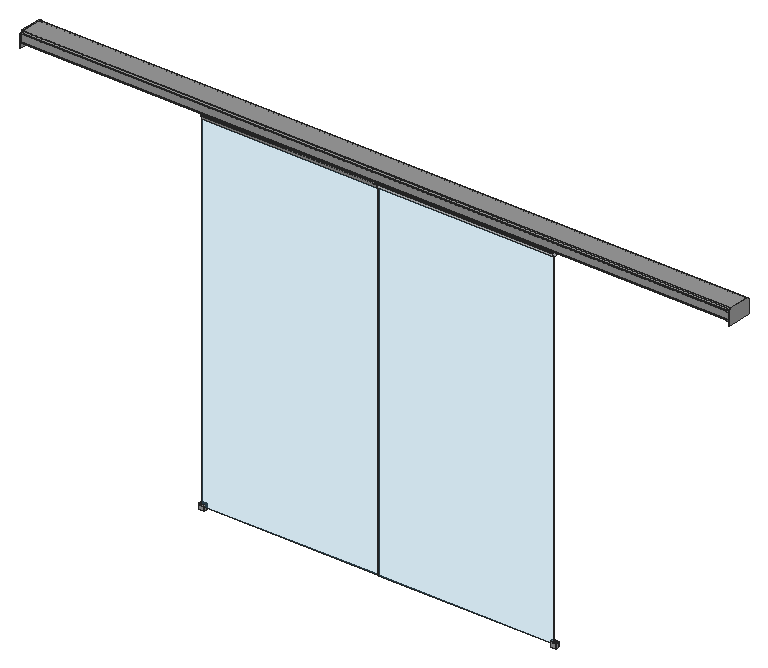
Revit family "Puerta Deslizante 2 hojas", category Doors, host Wall, Revit 2017
Family settings
  Host = Wall
  OmniClass Number = 23.30.10.00
  OmniClass Title = Doors
  Always vertical = Yes
  Cut with Voids When Loaded = No
  Shared = No
  Room Calculation Point = No
Parameters
  Vidrio = Glass
  URL = "http://www.automatics.cl/"
  Tope de Puerta = Stainless Steel AISI 304
  Tipo = "Deslizante"
  Riel = Stainless Steel AISI 304
  Perfil Riel = Stainless Steel AISI 304
  Model = "Deslizante 2 Hojas"
  Manufacturer = "G-U"
  Function = Interior
  Frame Projection Ext. = 25 mm
  Frame Projection Int. = 25 mm
  Frame Width = 75 mm
  Height = 3050 mm
  Wall Closure = By host
  Width = 3020 mm
  Espesor = 202 mm
  Description = "Deslizante 2 Hojas"
  Control Ancho Puerta = if(Width < 800 mm, 800 mm, if(Width > 3000 mm, 3000 mm, Width))  # 3000 mm
  Control Alto Puerta = if(Height > 3000 mm, 3000 mm, Height)  # 3000 mm
  Contacto Teléfono = "56 9 9789 7122"
  Contacto Nombre = "Carlos Leiva"
  Contacto Correo = "Carlos.Leiva@g-u.cl"
  Ancho Riel = Width * 2  # 6040 mm
  Analytic Construction = "<None>"
Reference planes
  plane 1: y = 0
  plane 2 "Center (Left/Right)": x = 0
  plane 3 "Left": x = -1500
  plane 4 "Right": x = 1500
  plane 5: z = 3000
  plane 6 "Exterior": y = 150
  plane 7 "Interior": y = -150
  plane 8: y = 352
  plane 9: x = -3020
  plane 10: y = 190
  plane 11: x = 3020
  plane 12: x = -5
  plane 13: x = 5
Forms (mm)
  Extrusion 1, solid, material "Stainless Steel AISI 304" <- "Riel"
    sketch origin (0, 0, 0) x (0, 1, 0) y (0, 0, 1)
      loop
        arc (175, 3013) -> (176.763, 2997.845) -> (180.29, 2983) r 130
        line (180.29, 2983) -> (199.71, 2983)
        arc (199.71, 2983) -> (202.911, 2997.902) -> (205, 3013) r 205.826
        line (205, 3013) -> (175, 3013)
    from -1500 to -5
  Extrusion 2, solid, material "Stainless Steel AISI 304" <- "Riel"
    sketch origin (0, 0, 0) x (0, 1, 0) y (0, 0, 1)
      loop
        line (207.74, 3013) -> (207.74, 3054) -> (179, 3054) -> (179, 3043) -> (182, 3043) -> (182, 3051) -> (204.74, 3051) -> (204.74, 3016) -> (171.74, 3016) -> (171.74, 3013) -> (207.74, 3013)
    from -1500 to -5
  Extrusion 3, solid, material "Glass" <- "Vidrio"
    sketch origin (0, -9.5, 0) x (0, 1, 0) y (0, 0, 1)
      loop
        line (205, 2983) -> (194, 2983) -> (194, 15) -> (205, 15) -> (205, 2983)
    from -1500 to -5
  Extrusion 4, solid
    sketch origin (675, 0, 0) x (0, 1, 0) y (0, 0, 1)
      loop
        line (207.74, 3013) -> (207.74, 3054) -> (179, 3054) -> (179, 3043) -> (182, 3043) -> (182, 3051) -> (204.74, 3051) -> (204.74, 3016) -> (171.74, 3016) -> (171.74, 3013) -> (207.74, 3013)
    from -670 to 825
  Extrusion 5, solid
    sketch origin (710, 0, 0) x (0, 1, 0) y (0, 0, 1)
      loop
        arc (175, 3013) -> (176.763, 2997.845) -> (180.29, 2983) r 130
        line (180.29, 2983) -> (199.71, 2983)
        arc (199.71, 2983) -> (202.911, 2997.902) -> (205, 3013) r 205.826
        line (205, 3013) -> (175, 3013)
    from -705 to 790
  Extrusion 6, solid, material "Glass" <- "Vidrio"
    sketch origin (740, -9.5, 0) x (0, 1, 0) y (0, 0, 1)
      loop
        line (205, 2983) -> (194, 2983) -> (194, 15) -> (205, 15) -> (205, 2983)
    from -735 to 760
Lines and regions (mm)
  Opening 1
    outline origin (-3050, -150, 0) x (1, 0, 0) y (0, 0, 1)
      loop
        line (1550, 0) -> (4550, 0) -> (4550, 3000) -> (1550, 3000) -> (1550, 0)
  symbolic lines, style "Doors"
    curve 1: line (-1500, 184.5, 0) -> (-3020, 184.5, 0)
    curve 2: line (-3020, 184.5, 0) -> (-3020, 195.5, 0)
    curve 3: line (-3020, 195.5, 0) -> (-1500, 195.5, 0)
    curve 4: line (-1500, 195.5, 0) -> (-1500, 184.5, 0)
    curve 5: arc (-1476.935, 203.27, 0) -> (-1500, 207.5, 0) -> (-1523.065, 203.27, 0) r 65
    curve 6: line (-1525, 200.466, 0) -> (-1525, 195.5, 0)
    curve 7: arc (-1523.065, 203.27, 0) -> (-1524.469, 202.169, 0) -> (-1525, 200.466, 0) r 3
    curve 8: arc (-1525, 179.534, 0) -> (-1524.469, 177.831, 0) -> (-1523.065, 176.73, 0) r 3
    curve 9: arc (-1523.065, 176.73, 0) -> (-1500, 172.5, 0) -> (-1476.935, 176.73, 0) r 65
    curve 10: arc (-1476.935, 176.73, 0) -> (-1475.531, 177.831, 0) -> (-1475, 179.534, 0) r 3
    curve 11: line (-1475, 179.534, 0) -> (-1475, 200.466, 0)
    curve 12: arc (-1475, 200.466, 0) -> (-1475.531, 202.169, 0) -> (-1476.935, 203.27, 0) r 3
    curve 13: line (-1475, 197.5, 0) -> (-1525, 197.5, 0)
    curve 14: line (-1525, 182.5, 0) -> (-1475, 182.5, 0)
    curve 15: line (-1525, 184.5, 0) -> (-1525, 179.534, 0)
    curve 16: line (-1500, 230, 0) -> (-1600, 230, 0)
    curve 17: line (-1600, 230, 0) -> (-1574.019, 245, 0)
    curve 18: line (-1600, 230, 0) -> (-1574.019, 215, 0)
    curve 19: line (1500, 184.5, 0) -> (3020, 184.5, 0)
    curve 20: line (3020, 184.5, 0) -> (3020, 195.5, 0)
    curve 21: line (3020, 195.5, 0) -> (1500, 195.5, 0)
    curve 22: line (1500, 195.5, 0) -> (1500, 184.5, 0)
    curve 23: arc (1476.935, 203.27, 0) -> (1500, 207.5, 0) -> (1523.065, 203.27, 0) r 65
    curve 24: line (1525, 200.466, 0) -> (1525, 195.5, 0)
    curve 25: arc (1523.065, 203.27, 0) -> (1524.469, 202.169, 0) -> (1525, 200.466, 0) r 3
    curve 26: arc (1525, 179.534, 0) -> (1524.469, 177.831, 0) -> (1523.065, 176.73, 0) r 3
    curve 27: arc (1523.065, 176.73, 0) -> (1500, 172.5, 0) -> (1476.935, 176.73, 0) r 65
    curve 28: arc (1476.935, 176.73, 0) -> (1475.531, 177.831, 0) -> (1475, 179.534, 0) r 3
    curve 29: line (1475, 179.534, 0) -> (1475, 200.466, 0)
    curve 30: arc (1475, 200.466, 0) -> (1475.531, 202.169, 0) -> (1476.935, 203.27, 0) r 3
    curve 31: line (1525, 184.5, 0) -> (1525, 179.534, 0)
    curve 32: line (1475, 197.5, 0) -> (1525, 197.5, 0)
    curve 33: line (1525, 182.5, 0) -> (1475, 182.5, 0)
    curve 34: line (1500, 230, 0) -> (1600, 230, 0)
    curve 35: line (1600, 230, 0) -> (1574.019, 245, 0)
    curve 36: line (1600, 230, 0) -> (1574.019, 215, 0)
    curve 37: line (-1410, 150, 1500) -> (-1340.718, 150, 1540)
    curve 38: line (-1410, 150, 1500) -> (-1340.718, 150, 1460)
    curve 39: line (-1410, 150, 1500) -> (-1230, 150, 1500)
    curve 40: line (1410, 150, 1500) -> (1340.718, 150, 1540)
    curve 41: line (1410, 150, 1500) -> (1340.718, 150, 1460)
    curve 42: line (1410, 150, 1500) -> (1230, 150, 1500)
  symbolic lines, style "Elevation Swing"
    curve 43: line (-3020, 150, 0) -> (-3020, 352, 0)
    curve 44: line (-3020, 352, 0) -> (3020, 352, 0)
    curve 45: line (3020, 352, 0) -> (3020, 150, 0)
    curve 46: line (3020, 150, 0) -> (-3020, 150, 0)
Text (mm)
  text "Exterior" at (-2295.016, 1099.543, 0), in view "Ref. Level"
  text "Exterior" at (0, 1615.38, 3698.081), in view "Left"
  text "Exterior" at (0, 1036.032, 3874.932), in view "Right"
Dimensions and locks
  equal spacing: plane 3 "Left", plane 2 "Center (Left/Right)", plane 4 "Right"
  "Control Ancho Puerta": plane 3 "Left" to plane 4 "Right"
  "Control Alto Puerta": plane 5 to host wall
  host wall to plane 5 = 3000 mm  (x2)
  locked: plane 6 "Exterior" to host wall at 0
  locked: plane 7 "Interior" to host wall
  "Ancho Riel": plane 9 to plane 11
  "Espesor": plane 8 to plane 6 "Exterior"
  locked: plane 10 to host wall at 40
  equal spacing: plane 9, plane 2 "Center (Left/Right)", plane 11
  plane 12 to plane 2 "Center (Left/Right)" to plane 13 = 5 mm locked, 5 mm locked
  aligned and locked: plane 3 "Left" to Opening 1 sketch curve
  aligned and locked: plane 5 to Opening 1 sketch curve  (x2)
  aligned and locked: Opening 1 sketch curve to plane 4 "Right"
  aligned and locked: Opening 1 sketch curve to level
  aligned and locked: host wall to plane 1
  aligned and locked: host wall to Extrusion 2
  aligned and locked: Extrusion 1 to host wall
  aligned and locked: Extrusion 3 to host wall
  aligned and locked: nested 1 to plane 3 "Left"
  aligned and locked: plane 5 to nested 2
  aligned and locked: host wall to nested 2
  aligned and locked: nested 2 to plane 9  (x2)
  aligned and locked: nested 1 to plane 10
  aligned and locked: nested 2 to plane 11
  aligned and locked: Extrusion 3 to plane 12
  aligned and locked: Extrusion 1 to plane 12
  aligned and locked: Extrusion 2 to Extrusion 1
  aligned and locked: plane 13 to Extrusion 4
  aligned and locked: host wall to Extrusion 4
  aligned and locked: plane 13 to Extrusion 5
  aligned and locked: host wall to Extrusion 5
  aligned and locked: plane 13 to Extrusion 6
  aligned and locked: host wall to Extrusion 6
  aligned and locked: nested 3 to plane 4 "Right"
  aligned and locked: nested 3 to plane 10
  aligned and locked: plane 9 to curve 43
  aligned and locked: host wall to curve 46
  aligned and locked: curve 45 to plane 11
  aligned and locked: curve 44 to plane 8
Automatic sketch dimensions
  Extrusion 1 sketch curve to host wall = 0.212 mm
  Extrusion 1 sketch curve to plane 10 = 15 mm
  Extrusion 1 sketch curve to plane 10 = 9.71 mm
  plane 10 to Extrusion 1 sketch curve = 9.71 mm
  Extrusion 1 sketch curve to plane 5 = 13 mm
  Extrusion 1 sketch curve to Extrusion 1 sketch curve = 30 mm
  Extrusion 1 sketch curve to plane 5 = 20.419 mm
  Extrusion 1 sketch curve to plane 8 = 47.212 mm
  Extrusion 2 sketch curve to plane 10 = 18.26 mm
  Extrusion 2 sketch curve to plane 10 = 11 mm
  Extrusion 2 sketch curve to Extrusion 2 sketch curve = 3 mm  (x4)
  plane 10 to Extrusion 2 sketch curve = 14.74 mm
  Extrusion 2 sketch curve to plane 5 = 13 mm
  Extrusion 2 sketch curve to Extrusion 2 sketch curve = 27 mm
  Extrusion 2 sketch curve to Extrusion 2 sketch curve = 8 mm
  Extrusion 3 sketch curve to plane 10 = 5.5 mm
  plane 10 to Extrusion 3 sketch curve = 5.5 mm
  level to Extrusion 3 sketch curve = 15 mm
  plane 5 to Extrusion 3 sketch curve = 17 mm
  Extrusion 4 sketch curve to plane 10 = 18.26 mm
  Extrusion 4 sketch curve to plane 10 = 11 mm
  Extrusion 4 sketch curve to Extrusion 4 sketch curve = 3 mm  (x4)
  plane 10 to Extrusion 4 sketch curve = 14.74 mm
  Extrusion 4 sketch curve to plane 5 = 13 mm
  Extrusion 4 sketch curve to Extrusion 4 sketch curve = 27 mm
  Extrusion 4 sketch curve to Extrusion 4 sketch curve = 8 mm
  Extrusion 5 sketch curve to host wall = 0.212 mm
  Extrusion 5 sketch curve to plane 10 = 15 mm
  Extrusion 5 sketch curve to plane 10 = 9.71 mm
  plane 10 to Extrusion 5 sketch curve = 9.71 mm
  Extrusion 5 sketch curve to plane 5 = 13 mm
  Extrusion 5 sketch curve to Extrusion 5 sketch curve = 30 mm
  Extrusion 5 sketch curve to plane 5 = 20.419 mm
  Extrusion 5 sketch curve to plane 8 = 47.212 mm
  Extrusion 6 sketch curve to plane 10 = 5.5 mm
  plane 10 to Extrusion 6 sketch curve = 5.5 mm
  level to Extrusion 6 sketch curve = 15 mm
  plane 5 to Extrusion 6 sketch curve = 17 mm
  curve 39 to plane 3 "Left" = 90 mm
  plane 4 "Right" to curve 40 = 90 mm
  level to curve 38 = 1500 mm
  level to curve 40 = 1500 mm
  curve 37 to curve 38 = 69.282 mm
  curve 37 to curve 38 = 0 mm
  curve 38 to curve 39 = 110.718 mm
  curve 42 to curve 40 = 180 mm
  curve 41 to curve 40 = 69.282 mm
  curve 40 to curve 41 = 0 mm
  curve 41 to curve 40 = 40 mm
  curve 38 to curve 37 = 40 mm
  curve 38 to curve 37 = 80 mm
  curve 41 to curve 40 = 80 mm
  curve 1 to plane 9 = 0 mm
  curve 5 to plane 3 "Left" = 0 mm
  curve 1 to plane 3 "Left" = 0 mm
  curve 16 to plane 3 "Left" = 0 mm
  curve 9 to plane 3 "Left" = 0 mm
  curve 19 to plane 4 "Right" = 0 mm
  curve 34 to plane 4 "Right" = 0 mm
  curve 23 to plane 4 "Right" = 0 mm
  curve 27 to plane 4 "Right" = 0 mm
  curve 20 to plane 11 = 0 mm
  plane 10 to curve 16 = 40 mm
  curve 16 to curve 16 = 100 mm
  curve 15 to plane 10 = 10.466 mm
  plane 3 "Left" to curve 15 = 25 mm
  curve 6 to curve 15 = 0 mm
  curve 8 to curve 8 = 3 mm
  curve 6 to curve 7 = 3 mm
  plane 10 to curve 12 = 10.466 mm
  curve 12 to plane 3 "Left" = 22 mm
  curve 10 to curve 12 = 0 mm
  curve 10 to curve 11 = 3 mm
  plane 4 "Right" to curve 29 = 25 mm
  curve 29 to curve 30 = 3 mm
  curve 29 to curve 28 = 3 mm
  curve 26 to plane 4 "Right" = 22 mm
  curve 25 to curve 26 = 0 mm
  curve 26 to curve 31 = 3 mm
  curve 25 to curve 24 = 3 mm
  plane 10 to curve 36 = 40 mm
  curve 25 to curve 36 = 75 mm
  curve 5 to host wall = 7.5 mm
  curve 23 to host wall = 7.5 mm
  curve 28 to plane 10 = 10.466 mm
  curve 26 to plane 10 = 10.466 mm
  curve 10 to plane 10 = 10.466 mm
  curve 22 to plane 10 = 5.5 mm
  curve 2 to plane 10 = 5.5 mm
  plane 10 to curve 21 = 5.5 mm
  plane 10 to curve 2 = 5.5 mm
  curve 24 to curve 24 = 4.966 mm
  plane 10 to curve 30 = 10.466 mm
  curve 6 to curve 6 = 4.966 mm
  curve 16 to curve 9 = 7.5 mm
  curve 34 to curve 27 = 7.5 mm
  curve 16 to curve 17 = 25.981 mm
  plane 10 to curve 18 = 25 mm
  curve 16 to curve 18 = 25.981 mm
  curve 5 to curve 7 = 0 mm
  curve 9 to curve 8 = 0 mm
  curve 23 to curve 30 = 0 mm
  curve 27 to curve 28 = 0 mm
  plane 10 to curve 36 = 25 mm
  curve 36 to curve 34 = 25.981 mm
  curve 35 to curve 36 = 0 mm
  curve 29 to curve 33 = 2.966 mm
  curve 14 to curve 15 = 2 mm
  curve 32 to curve 30 = 2.966 mm
  curve 6 to curve 13 = 2 mm
  curve 18 to curve 17 = 30 mm
  curve 36 to curve 35 = 30 mm
Nested families
  nested 1: "Tope" at (-1500, 190, 0), type "Tope", detail levels medium+fine
  nested 2: "Perfil Aluminio Deslizante" at (0, 150, 3000) x (-1, 0, 0) z (0, 0, 1), type "Perfil Aluminio Deslizante"
    with Ancho 6040 mm
  nested 3: "Tope" at (1500, 190, 0), type "Tope", detail levels medium+fine
Definition of nested family "Tope"
  Parameters (values of type "Tope")
    Tope = none
  Reference planes
    plane 1 "Center (Front/Back)": y = 0
    plane 2: z = 0
    plane 3 "Center (Left/Right)": x = 0
  Forms (mm)
    Extrusion 1, solid, material <- "Tope"
      sketch origin (0, 0, 0) x (1, 0, 0) y (0, 1, 0)
        loop
          line (-25, 10.466) -> (-25, -10.466)
          arc (-25, -10.466) -> (-24.469, -12.169) -> (-23.065, -13.27) r 3
          arc (-23.065, -13.27) -> (0, -17.5) -> (23.065, -13.27) r 65
          arc (23.065, -13.27) -> (24.469, -12.169) -> (25, -10.466) r 3
          line (25, -10.466) -> (25, 10.466)
          arc (25, 10.466) -> (24.469, 12.169) -> (23.065, 13.27) r 3
          arc (23.065, 13.27) -> (0, 17.5) -> (-23.065, 13.27) r 65
          arc (-23.065, 13.27) -> (-24.469, 12.169) -> (-25, 10.466) r 3
      from 0 to 40
    Sweep 2, void
      path origin (0, 0, 0) x (1, 0, 0) y (0, 1, 0)
        loop
          line (-25, 10.466) -> (-25, -10.466)
          arc (-25, -10.466) -> (-24.469, -12.169) -> (-23.065, -13.27) r 3
          arc (-23.065, -13.27) -> (0, -17.5) -> (23.065, -13.27) r 65
          arc (23.065, -13.27) -> (24.469, -12.169) -> (25, -10.466) r 3
          line (25, -10.466) -> (25, 10.466)
          arc (25, 10.466) -> (24.469, 12.169) -> (23.065, 13.27) r 3
          arc (23.065, 13.27) -> (0, 17.5) -> (-23.065, 13.27) r 65
          arc (-23.065, 13.27) -> (-24.469, 12.169) -> (-25, 10.466) r 3
      profile origin (-25, 0, 0) x (1, 0, 0) y (0, 0, 1)
        loop
          line (2, 40) -> (2, 45) -> (-5, 45) -> (-5, 37) -> (0, 37)
          arc (0, 37) -> (0.643, 38.738) -> (2, 40) r 4
    Extrusion 3, void
      sketch origin (0, 0, 0) x (1, 0, 0) y (0, 1, 0)
        loop
          line (-25, 7.5) -> (-25, -7.5) -> (25, -7.5) -> (25, 7.5) -> (-25, 7.5)
      from 5 to 40
  Cuts and joins
    Sweep 2, Extrusion 3 cuts Extrusion 1
  Dimensions and locks
    aligned and locked: level to plane 2
Definition of nested family "Perfil Aluminio Deslizante"
  Parameters (values of type "Perfil Aluminio Deslizante")
    Perfil Aluminio = none
    Ancho [instance] = 1600 mm
  Reference planes
    plane 1 "Center (Front/Back)": y = 0
    plane 2: z = 0
    plane 3 "Center (Left/Right)": x = 0
    plane 4: x = -800
    plane 5: x = 800
  Forms (mm)
    Extrusion 1, solid, material <- "Perfil Aluminio"
      sketch origin (0, 0, 0) x (0, 1, 0) y (0, 0, 1)
        loop
          line (-43, 40) -> (-43, 48) -> (-35, 48) -> (-35, 40) -> (-8, 40)
          arc (-8, 40) -> (-2.343, 42.343) -> (0, 48) r 8
          line (0, 48) -> (0, 111.686)
          arc (0, 111.686) -> (-0.609, 114.748) -> (-2.343, 117.343) r 8
          line (-2.343, 117.343) -> (-12.657, 127.657)
          arc (-12.657, 127.657) -> (-15.252, 129.391) -> (-18.314, 130) r 8
          line (-18.314, 130) -> (-194, 130)
          arc (-194, 130) -> (-199.657, 127.657) -> (-202, 122) r 8
          line (-202, 122) -> (-202, 5)
          arc (-202, 5) -> (-200.536, 1.464) -> (-197, 0) r 5
          line (-197, 0) -> (-124.002, 0) -> (-119.002, 5) -> (-112, 5) -> (-107, 0) -> (-77, 0) -> (-77, 3) -> (-105.757, 3) -> (-110.757, 8) -> (-120.245, 8) -> (-125.245, 3) -> (-194, 3)
          arc (-194, 3) -> (-197.536, 4.464) -> (-199, 8) r 5
          line (-199, 8) -> (-199, 122)
          arc (-199, 122) -> (-197.536, 125.536) -> (-194, 127) r 5
          line (-194, 127) -> (-18.314, 127)
          arc (-18.314, 127) -> (-16.4, 126.619) -> (-14.778, 125.536) r 5
          line (-14.778, 125.536) -> (-4.464, 115.222)
          arc (-4.464, 115.222) -> (-3.381, 113.6) -> (-3, 111.686) r 5
          line (-3, 111.686) -> (-3, 48)
          arc (-3, 48) -> (-4.464, 44.464) -> (-8, 43) r 5
          line (-8, 43) -> (-32, 43) -> (-32, 51) -> (-46, 51) -> (-46, 40) -> (-43, 40)
      from -800 to 800
    Extrusion 2, solid, material <- "Perfil Aluminio"
      sketch origin (800, 656.453, 1200) x (0, 1, 0) y (0, 0, 1)
        loop
          arc (-656.453, -1088.314) -> (-657.062, -1085.252) -> (-658.797, -1082.657) r 8
          line (-658.797, -1082.657) -> (-669.11, -1072.343)
          arc (-669.11, -1072.343) -> (-671.706, -1070.609) -> (-674.767, -1070) r 8
          line (-674.767, -1070) -> (-850.453, -1070)
          arc (-850.453, -1070) -> (-856.11, -1072.343) -> (-858.453, -1078) r 8
          line (-858.453, -1078) -> (-858.453, -1195)
          arc (-858.453, -1195) -> (-856.989, -1198.536) -> (-853.453, -1200) r 5
          line (-853.453, -1200) -> (-780.456, -1200) -> (-775.456, -1195) -> (-768.453, -1195) -> (-763.453, -1200) -> (-661.453, -1200)
          arc (-661.453, -1200) -> (-657.918, -1198.536) -> (-656.453, -1195) r 5
          line (-656.453, -1195) -> (-656.453, -1088.314)
      from 0 to 3
    Extrusion 3, solid, material <- "Perfil Aluminio"
      sketch origin (-800, 656.453, 1200) x (0, 1, 0) y (0, 0, 1)
        loop
          arc (-656.453, -1088.314) -> (-657.062, -1085.252) -> (-658.797, -1082.657) r 8
          line (-658.797, -1082.657) -> (-669.11, -1072.343)
          arc (-669.11, -1072.343) -> (-671.706, -1070.609) -> (-674.767, -1070) r 8
          line (-674.767, -1070) -> (-850.453, -1070)
          arc (-850.453, -1070) -> (-856.11, -1072.343) -> (-858.453, -1078) r 8
          line (-858.453, -1078) -> (-858.453, -1195)
          arc (-858.453, -1195) -> (-856.989, -1198.536) -> (-853.453, -1200) r 5
          line (-853.453, -1200) -> (-780.456, -1200) -> (-775.456, -1195) -> (-768.453, -1195) -> (-763.453, -1200) -> (-661.453, -1200)
          arc (-661.453, -1200) -> (-657.918, -1198.536) -> (-656.453, -1195) r 5
          line (-656.453, -1195) -> (-656.453, -1088.314)
      from 0 to -3
  Dimensions and locks
    equal spacing: plane 4, plane 3 "Center (Left/Right)", plane 5
    "Ancho": plane 4 to plane 5
    aligned and locked: level to plane 2
    aligned and locked: Extrusion 1 to plane 4
    aligned and locked: plane 5 to Extrusion 1
  Automatic sketch dimensions
    Extrusion 1 sketch curve to Extrusion 1 sketch curve = 0 mm  (x9)
    Extrusion 1 sketch curve to level = 0 mm  (x2)
    Extrusion 1 sketch curve to plane 1 "Center (Front/Back)" = 0 mm
    plane 1 "Center (Front/Back)" to Extrusion 1 sketch curve = 2.343 mm
    plane 1 "Center (Front/Back)" to Extrusion 1 sketch curve = 3 mm
    Extrusion 1 sketch curve to Extrusion 1 sketch curve = 2.121 mm  (x2)
    plane 1 "Center (Front/Back)" to Extrusion 1 sketch curve = 8 mm
    Extrusion 1 sketch curve to Extrusion 1 sketch curve = 5 mm  (x4)
    plane 1 "Center (Front/Back)" to Extrusion 1 sketch curve = 12.657 mm
    Extrusion 1 sketch curve to Extrusion 1 sketch curve = 3.536 mm
    Extrusion 1 sketch curve to Extrusion 1 sketch curve = 24 mm
    Extrusion 1 sketch curve to Extrusion 1 sketch curve = 3 mm  (x6)
    Extrusion 1 sketch curve to Extrusion 1 sketch curve = 8 mm  (x2)
    Extrusion 1 sketch curve to Extrusion 1 sketch curve = 31 mm
    level to Extrusion 1 sketch curve = 3 mm  (x2)
    Extrusion 1 sketch curve to Extrusion 1 sketch curve = 28.757 mm
    Extrusion 1 sketch curve to Extrusion 1 sketch curve = 1.243 mm  (x4)
    Extrusion 1 sketch curve to Extrusion 1 sketch curve = 7.002 mm
    level to Extrusion 1 sketch curve = 8 mm  (x2)
    Extrusion 1 sketch curve to Extrusion 1 sketch curve = 73.755 mm
    Extrusion 1 sketch curve to Extrusion 1 sketch curve = 68.755 mm
    level to Extrusion 1 sketch curve = 40 mm
    Extrusion 1 sketch curve to Extrusion 1 sketch curve = 63.686 mm
    Extrusion 1 sketch curve to Extrusion 1 sketch curve = 114 mm
    Extrusion 2 sketch curve to level = 0 mm  (x2)
    Extrusion 2 sketch curve to plane 1 "Center (Front/Back)" = 0 mm
    plane 1 "Center (Front/Back)" to Extrusion 2 sketch curve = 2.343 mm
    plane 1 "Center (Front/Back)" to Extrusion 2 sketch curve = 5 mm
    Extrusion 2 sketch curve to Extrusion 2 sketch curve = 5.657 mm  (x2)
    plane 1 "Center (Front/Back)" to Extrusion 2 sketch curve = 12.657 mm
    Extrusion 2 sketch curve to Extrusion 2 sketch curve = 102 mm
    Extrusion 2 sketch curve to Extrusion 2 sketch curve = 5 mm  (x2)
    Extrusion 2 sketch curve to Extrusion 2 sketch curve = 7.002 mm
    Extrusion 2 sketch curve to Extrusion 2 sketch curve = 74.998 mm
    Extrusion 2 sketch curve to Extrusion 2 sketch curve = 72.998 mm
    Extrusion 2 sketch curve to Extrusion 2 sketch curve = 8 mm
    level to Extrusion 2 sketch curve = 5 mm
    Extrusion 2 sketch curve to Extrusion 2 sketch curve = 106.686 mm
    Extrusion 2 sketch curve to Extrusion 2 sketch curve = 10.314 mm
    Extrusion 2 sketch curve to Extrusion 2 sketch curve = 117 mm
    Extrusion 3 sketch curve to level = 0 mm  (x2)
    Extrusion 3 sketch curve to plane 1 "Center (Front/Back)" = 0 mm
    plane 1 "Center (Front/Back)" to Extrusion 3 sketch curve = 2.343 mm
    plane 1 "Center (Front/Back)" to Extrusion 3 sketch curve = 5 mm
    Extrusion 3 sketch curve to Extrusion 3 sketch curve = 5.657 mm  (x2)
    plane 1 "Center (Front/Back)" to Extrusion 3 sketch curve = 12.657 mm
    Extrusion 3 sketch curve to Extrusion 3 sketch curve = 102 mm
    Extrusion 3 sketch curve to Extrusion 3 sketch curve = 5 mm  (x2)
    Extrusion 3 sketch curve to Extrusion 3 sketch curve = 7.002 mm
    Extrusion 3 sketch curve to Extrusion 3 sketch curve = 74.998 mm
    Extrusion 3 sketch curve to Extrusion 3 sketch curve = 72.998 mm
    Extrusion 3 sketch curve to Extrusion 3 sketch curve = 8 mm
    level to Extrusion 3 sketch curve = 5 mm
    Extrusion 3 sketch curve to Extrusion 3 sketch curve = 106.686 mm
    Extrusion 3 sketch curve to Extrusion 3 sketch curve = 10.314 mm
    Extrusion 3 sketch curve to Extrusion 3 sketch curve = 117 mm
